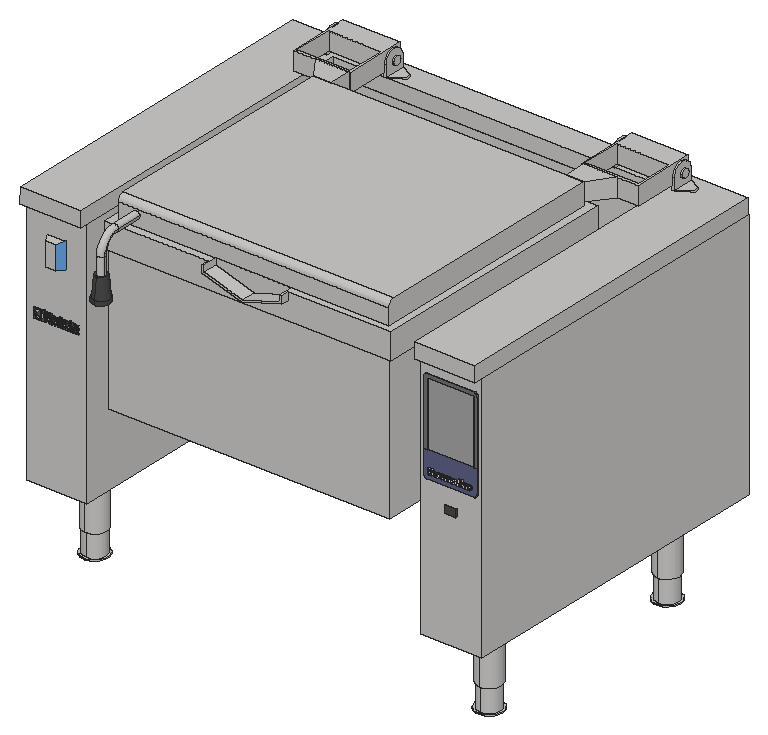
Revit family "QF_ELECTROLUXPROFESSIONAL_587031_PFET09ECUU", category Attrezzature speciali, Revit 2020 (continued)
Definition of nested family "QF_ELECTROLUXPROFESSIONAL_PBOTNB900_LEFT"
  Automatic sketch dimensions
    Extrusion 4 sketch curve to Extrusion 4 sketch curve = 2.333 mm
    Extrusion 4 sketch curve to Extrusion 4 sketch curve = 1.257 mm  (x2)
    Extrusion 4 sketch curve to Extrusion 4 sketch curve = 2.771 mm
    Extrusion 4 sketch curve to Extrusion 4 sketch curve = 1.497 mm
    Extrusion 4 sketch curve to Extrusion 4 sketch curve = 1.979 mm
    Extrusion 4 sketch curve to Extrusion 4 sketch curve = 1.653 mm
    Extrusion 4 sketch curve to Extrusion 4 sketch curve = 0.085 mm
    Extrusion 4 sketch curve to Extrusion 4 sketch curve = 0.315 mm
    Extrusion 4 sketch curve to Extrusion 4 sketch curve = 3.811 mm
    Extrusion 4 sketch curve to Extrusion 4 sketch curve = 2.136 mm  (x2)
    Extrusion 4 sketch curve to Extrusion 4 sketch curve = 2.352 mm  (x2)
    Extrusion 4 sketch curve to Extrusion 4 sketch curve = 3.797 mm
    Extrusion 4 sketch curve to Extrusion 4 sketch curve = 1.528 mm
    Extrusion 4 sketch curve to Extrusion 4 sketch curve = 1.476 mm  (x2)
    Extrusion 4 sketch curve to Extrusion 4 sketch curve = 1.469 mm  (x2)
    Extrusion 4 sketch curve to Extrusion 4 sketch curve = 3.728 mm
    Extrusion 4 sketch curve to Extrusion 4 sketch curve = 0.046 mm
    Extrusion 4 sketch curve to Extrusion 4 sketch curve = 0.177 mm
    Extrusion 4 sketch curve to Extrusion 4 sketch curve = 0.947 mm
    Extrusion 4 sketch curve to Extrusion 4 sketch curve = 0.308 mm
    Extrusion 4 sketch curve to Extrusion 4 sketch curve = 0.091 mm
    Extrusion 4 sketch curve to Extrusion 4 sketch curve = 2.375 mm
    Extrusion 4 sketch curve to Extrusion 4 sketch curve = 0.94 mm
    Extrusion 4 sketch curve to Extrusion 4 sketch curve = 0.54 mm
    Extrusion 4 sketch curve to Extrusion 4 sketch curve = 0.102 mm
    Extrusion 4 sketch curve to Extrusion 4 sketch curve = 0.002 mm  (x4)
    Extrusion 4 sketch curve to Extrusion 4 sketch curve = 0.105 mm
    Extrusion 4 sketch curve to Extrusion 4 sketch curve = 0.097 mm
    Extrusion 4 sketch curve to plane 3 "Center (Left/Right)" = 0.241 mm
    Extrusion 4 sketch curve to plane 3 "Center (Left/Right)" = 0.412 mm
    Extrusion 4 sketch curve to plane 3 "Center (Left/Right)" = 2.074 mm
    Extrusion 4 sketch curve to Extrusion 4 sketch curve = 1.777 mm
    Extrusion 4 sketch curve to plane 3 "Center (Left/Right)" = 2.704 mm
    Extrusion 4 sketch curve to Extrusion 4 sketch curve = 1.001 mm
    Extrusion 4 sketch curve to Extrusion 4 sketch curve = 1.393 mm  (x2)
    Extrusion 4 sketch curve to Extrusion 4 sketch curve = 2.363 mm
    Extrusion 4 sketch curve to Extrusion 4 sketch curve = 2.253 mm
    Extrusion 4 sketch curve to Extrusion 4 sketch curve = 0.014 mm  (x4)
    Extrusion 4 sketch curve to Extrusion 4 sketch curve = 0.172 mm
    Extrusion 4 sketch curve to Extrusion 4 sketch curve = 0.096 mm
    Extrusion 4 sketch curve to Extrusion 4 sketch curve = 0.164 mm
    Extrusion 4 sketch curve to Extrusion 4 sketch curve = 0.298 mm
    Extrusion 4 sketch curve to Extrusion 4 sketch curve = 0.247 mm
    Extrusion 4 sketch curve to Extrusion 4 sketch curve = 0.084 mm
    Extrusion 4 sketch curve to Extrusion 4 sketch curve = 6.484 mm
    Extrusion 4 sketch curve to Extrusion 4 sketch curve = 2.596 mm
    Extrusion 4 sketch curve to Extrusion 4 sketch curve = 0.059 mm  (x2)
    Extrusion 4 sketch curve to Extrusion 4 sketch curve = 3.889 mm
    Extrusion 4 sketch curve to Extrusion 4 sketch curve = 6.029 mm
    Extrusion 4 sketch curve to Extrusion 4 sketch curve = 0.929 mm
    Extrusion 4 sketch curve to Extrusion 4 sketch curve = 1.102 mm
    Extrusion 4 sketch curve to Extrusion 4 sketch curve = 0.756 mm  (x2)
    Extrusion 4 sketch curve to Extrusion 4 sketch curve = 0.852 mm
    Extrusion 4 sketch curve to Extrusion 4 sketch curve = 0.108 mm
    Extrusion 4 sketch curve to Extrusion 4 sketch curve = 0.101 mm
    Extrusion 4 sketch curve to Extrusion 4 sketch curve = 0.072 mm
    Extrusion 4 sketch curve to Extrusion 4 sketch curve = 1.67 mm
    Extrusion 4 sketch curve to Extrusion 4 sketch curve = 1.834 mm
    Extrusion 4 sketch curve to Extrusion 4 sketch curve = 0.366 mm
    Extrusion 4 sketch curve to Extrusion 4 sketch curve = 0.993 mm
    Extrusion 4 sketch curve to Extrusion 4 sketch curve = 0.81 mm
    Extrusion 4 sketch curve to Extrusion 4 sketch curve = 1.026 mm  (x2)
    Extrusion 4 sketch curve to Extrusion 4 sketch curve = 4.272 mm
    Extrusion 4 sketch curve to Extrusion 4 sketch curve = 0.163 mm
    Extrusion 4 sketch curve to Extrusion 4 sketch curve = 0.551 mm
    plane 14 to Extrusion 4 sketch curve = 6.023 mm
    Extrusion 4 sketch curve to Extrusion 4 sketch curve = 1.451 mm
    plane 14 to Extrusion 4 sketch curve = 5.28 mm
    Extrusion 4 sketch curve to Extrusion 4 sketch curve = 0.045 mm  (x2)
    Extrusion 4 sketch curve to Extrusion 4 sketch curve = 0.241 mm
    Extrusion 4 sketch curve to Extrusion 4 sketch curve = 0.039 mm
    Extrusion 4 sketch curve to Extrusion 4 sketch curve = 1.134 mm
    Extrusion 4 sketch curve to Extrusion 4 sketch curve = 2.351 mm
    Extrusion 4 sketch curve to plane 14 = 0.874 mm
    Extrusion 4 sketch curve to Extrusion 4 sketch curve = 10.128 mm
    Extrusion 4 sketch curve to Extrusion 4 sketch curve = 0.956 mm
    Extrusion 4 sketch curve to Extrusion 4 sketch curve = 1.263 mm
    Extrusion 4 sketch curve to Extrusion 4 sketch curve = 2.577 mm
    Extrusion 4 sketch curve to Extrusion 4 sketch curve = 0.243 mm
    Extrusion 4 sketch curve to Extrusion 4 sketch curve = 0.031 mm
    Extrusion 4 sketch curve to Extrusion 4 sketch curve = 7.148 mm
    Extrusion 4 sketch curve to Extrusion 4 sketch curve = 1.502 mm
    Extrusion 4 sketch curve to Extrusion 4 sketch curve = 11.54 mm
    Extrusion 4 sketch curve to Extrusion 4 sketch curve = 11.758 mm
    Extrusion 4 sketch curve to Extrusion 4 sketch curve = 4.097 mm
    Extrusion 4 sketch curve to Extrusion 4 sketch curve = 0.011 mm
    Extrusion 4 sketch curve to Extrusion 4 sketch curve = 4.488 mm
    plane 17 "CHW" to Extrusion 4 sketch curve = 191.223 mm
    Extrusion 4 sketch curve to Extrusion 4 sketch curve = 3.444 mm  (x2)
    Extrusion 4 sketch curve to Extrusion 4 sketch curve = 3.777 mm
    Extrusion 4 sketch curve to Extrusion 4 sketch curve = 1.093 mm
    Extrusion 4 sketch curve to Extrusion 4 sketch curve = 1.192 mm
    Extrusion 4 sketch curve to Extrusion 4 sketch curve = 0.319 mm
    Extrusion 4 sketch curve to Extrusion 4 sketch curve = 5.798 mm
    Extrusion 4 sketch curve to Extrusion 4 sketch curve = 2.021 mm
    Extrusion 4 sketch curve to Extrusion 4 sketch curve = 2.357 mm  (x3)
    Extrusion 4 sketch curve to Extrusion 4 sketch curve = 0.892 mm  (x3)
    Extrusion 4 sketch curve to Extrusion 4 sketch curve = 1.018 mm
    Extrusion 4 sketch curve to Extrusion 4 sketch curve = 3.382 mm  (x2)
    Extrusion 4 sketch curve to Extrusion 4 sketch curve = 2.117 mm
    Extrusion 4 sketch curve to Extrusion 4 sketch curve = 0.195 mm  (x2)
    Extrusion 4 sketch curve to Extrusion 4 sketch curve = 0.295 mm  (x2)
    Extrusion 4 sketch curve to Extrusion 4 sketch curve = 0.618 mm
    Extrusion 4 sketch curve to Extrusion 4 sketch curve = 0.385 mm  (x2)
    Extrusion 4 sketch curve to Extrusion 4 sketch curve = 1.626 mm  (x2)
    Extrusion 4 sketch curve to Extrusion 4 sketch curve = 1.65 mm
    Extrusion 4 sketch curve to Extrusion 4 sketch curve = 1.662 mm
    Extrusion 4 sketch curve to Extrusion 4 sketch curve = 0.013 mm  (x2)
    Extrusion 4 sketch curve to Extrusion 4 sketch curve = 0.292 mm
    Extrusion 4 sketch curve to Extrusion 4 sketch curve = 0.107 mm  (x2)
    Extrusion 4 sketch curve to Extrusion 4 sketch curve = 0.068 mm  (x2)
    Extrusion 4 sketch curve to Extrusion 4 sketch curve = 0.968 mm
    Extrusion 4 sketch curve to Extrusion 4 sketch curve = 0.365 mm
    Extrusion 4 sketch curve to Extrusion 4 sketch curve = 2.361 mm
    Extrusion 4 sketch curve to Extrusion 4 sketch curve = 2.359 mm
    Extrusion 4 sketch curve to Extrusion 4 sketch curve = 0.531 mm  (x2)
    Extrusion 4 sketch curve to Extrusion 4 sketch curve = 0.928 mm  (x2)
    Extrusion 4 sketch curve to Extrusion 4 sketch curve = 1.058 mm
    Extrusion 4 sketch curve to Extrusion 4 sketch curve = 0.297 mm  (x2)
    Extrusion 4 sketch curve to Extrusion 4 sketch curve = 0.155 mm  (x2)
    Extrusion 4 sketch curve to Extrusion 4 sketch curve = 1.305 mm
    Extrusion 4 sketch curve to Extrusion 4 sketch curve = 1.037 mm
    Extrusion 4 sketch curve to Extrusion 4 sketch curve = 0.182 mm  (x2)
    Extrusion 4 sketch curve to Extrusion 4 sketch curve = 0.607 mm  (x2)
    Extrusion 4 sketch curve to Extrusion 4 sketch curve = 0.304 mm  (x2)
    Extrusion 4 sketch curve to Extrusion 4 sketch curve = 0.372 mm  (x2)
    Extrusion 4 sketch curve to Extrusion 4 sketch curve = 0.016 mm  (x2)
    Extrusion 4 sketch curve to Extrusion 4 sketch curve = 0.996 mm
    Extrusion 4 sketch curve to Extrusion 4 sketch curve = 0.93 mm
    Extrusion 4 sketch curve to Extrusion 4 sketch curve = 0.709 mm  (x2)
    Extrusion 4 sketch curve to Extrusion 4 sketch curve = 1.752 mm
    Extrusion 4 sketch curve to Extrusion 4 sketch curve = 1.017 mm
    Extrusion 4 sketch curve to Extrusion 4 sketch curve = 4.718 mm
    Extrusion 4 sketch curve to Extrusion 4 sketch curve = 0.891 mm
    Extrusion 4 sketch curve to Extrusion 4 sketch curve = 3.826 mm
    Extrusion 4 sketch curve to Extrusion 4 sketch curve = 1.696 mm
    Extrusion 4 sketch curve to Extrusion 4 sketch curve = 0.954 mm
    Extrusion 4 sketch curve to Extrusion 4 sketch curve = 5.576 mm
    Extrusion 4 sketch curve to Extrusion 4 sketch curve = 5.657 mm  (x2)
    Extrusion 4 sketch curve to Extrusion 4 sketch curve = 5.661 mm  (x2)
    Extrusion 4 sketch curve to Extrusion 4 sketch curve = 0.006 mm
    Extrusion 4 sketch curve to Extrusion 4 sketch curve = 1.499 mm
    Extrusion 4 sketch curve to Extrusion 4 sketch curve = 7.186 mm
    Extrusion 4 sketch curve to Extrusion 4 sketch curve = 2.203 mm
    Extrusion 4 sketch curve to Extrusion 4 sketch curve = 2.21 mm
    Extrusion 4 sketch curve to Extrusion 4 sketch curve = 1.607 mm
    Extrusion 4 sketch curve to Extrusion 4 sketch curve = 3.479 mm
    Extrusion 4 sketch curve to Extrusion 4 sketch curve = 3.92 mm
    Extrusion 4 sketch curve to Extrusion 4 sketch curve = 0.05 mm
    Extrusion 4 sketch curve to Extrusion 4 sketch curve = 1.776 mm
    Extrusion 4 sketch curve to Extrusion 4 sketch curve = 4.017 mm
    Extrusion 4 sketch curve to Extrusion 4 sketch curve = 0.196 mm  (x2)
    Extrusion 4 sketch curve to Extrusion 4 sketch curve = 0.19 mm
    Extrusion 4 sketch curve to Extrusion 4 sketch curve = 1.312 mm
    Extrusion 4 sketch curve to Extrusion 4 sketch curve = 0.146 mm
    Extrusion 4 sketch curve to Extrusion 4 sketch curve = 2.831 mm
    Extrusion 4 sketch curve to Extrusion 4 sketch curve = 0.387 mm
    Extrusion 4 sketch curve to Extrusion 4 sketch curve = 0.174 mm
    Extrusion 4 sketch curve to Extrusion 4 sketch curve = 4.623 mm
    Extrusion 4 sketch curve to Extrusion 4 sketch curve = 1.754 mm
    Extrusion 4 sketch curve to Extrusion 4 sketch curve = 0.188 mm
    Extrusion 4 sketch curve to Extrusion 4 sketch curve = 0.02 mm
    Extrusion 4 sketch curve to Extrusion 4 sketch curve = 0.313 mm
    Extrusion 4 sketch curve to Extrusion 4 sketch curve = 0.12 mm
    Extrusion 4 sketch curve to Extrusion 4 sketch curve = 0.062 mm
    Extrusion 4 sketch curve to Extrusion 4 sketch curve = 0.568 mm
    Extrusion 4 sketch curve to Extrusion 4 sketch curve = 1.763 mm
    Extrusion 4 sketch curve to Extrusion 4 sketch curve = 0.095 mm
    Extrusion 4 sketch curve to Extrusion 4 sketch curve = 1.817 mm
    Extrusion 4 sketch curve to Extrusion 4 sketch curve = 0.357 mm
    Extrusion 4 sketch curve to Extrusion 4 sketch curve = 0.008 mm
    Extrusion 4 sketch curve to Extrusion 4 sketch curve = 0.36 mm
    Extrusion 4 sketch curve to Extrusion 4 sketch curve = 3.784 mm
    Extrusion 4 sketch curve to Extrusion 4 sketch curve = 1.654 mm
    Extrusion 4 sketch curve to Extrusion 4 sketch curve = 1.454 mm
    Extrusion 4 sketch curve to Extrusion 4 sketch curve = 1.705 mm
    Extrusion 4 sketch curve to Extrusion 4 sketch curve = 1.893 mm
    Extrusion 4 sketch curve to Extrusion 4 sketch curve = 3.429 mm
    Extrusion 4 sketch curve to Extrusion 4 sketch curve = 1.094 mm
    Extrusion 4 sketch curve to Extrusion 4 sketch curve = 2.218 mm
    Extrusion 4 sketch curve to Extrusion 4 sketch curve = 1.404 mm
    Extrusion 4 sketch curve to Extrusion 4 sketch curve = 5.763 mm
    Extrusion 4 sketch curve to Extrusion 4 sketch curve = 2.932 mm  (x2)
    Extrusion 4 sketch curve to Extrusion 4 sketch curve = 5.959 mm
    Extrusion 4 sketch curve to Extrusion 4 sketch curve = 1.424 mm
    Extrusion 4 sketch curve to Extrusion 4 sketch curve = 3.23 mm
    Extrusion 4 sketch curve to Extrusion 4 sketch curve = 1.975 mm
    Extrusion 4 sketch curve to Extrusion 4 sketch curve = 3.779 mm
    Extrusion 4 sketch curve to Extrusion 4 sketch curve = 2.212 mm
    Extrusion 4 sketch curve to Extrusion 4 sketch curve = 3.78 mm
    Extrusion 4 sketch curve to Extrusion 4 sketch curve = 1.279 mm
    Extrusion 4 sketch curve to Extrusion 4 sketch curve = 1.343 mm  (x2)
    Extrusion 4 sketch curve to Extrusion 4 sketch curve = 1.353 mm  (x2)
    Extrusion 4 sketch curve to Extrusion 4 sketch curve = 0.027 mm  (x2)
    Extrusion 4 sketch curve to Extrusion 4 sketch curve = 0.395 mm  (x2)
    Extrusion 4 sketch curve to Extrusion 4 sketch curve = 0.329 mm  (x2)
    Extrusion 4 sketch curve to Extrusion 4 sketch curve = 0.425 mm  (x2)
    Extrusion 4 sketch curve to Extrusion 4 sketch curve = 0.051 mm  (x2)
    Extrusion 4 sketch curve to Extrusion 4 sketch curve = 0.495 mm  (x2)
    Extrusion 4 sketch curve to Extrusion 4 sketch curve = 0.267 mm  (x2)
    Extrusion 4 sketch curve to Extrusion 4 sketch curve = 1.4 mm
    Extrusion 4 sketch curve to Extrusion 4 sketch curve = 5.233 mm
    Extrusion 4 sketch curve to Extrusion 4 sketch curve = 2.062 mm
    Extrusion 5 sketch curve to plane 13 "HW_CW" = 0.0 mm  (x2)
    Extrusion 5 sketch curve to plane 15 = 0.0 mm
    Extrusion 5 sketch curve to plane 14 = 0.0 mm
    radius of Extrusion 2 sketch curve = 6.35 mm  (x2)
    radius of Extrusion 4 sketch curve = 2.453 mm
    radius of Extrusion 4 sketch curve = 1.557 mm
    radius of Extrusion 4 sketch curve = 1.468 mm
    radius of Extrusion 4 sketch curve = 2.451 mm
    radius of Extrusion 5 sketch curve = 5.0 mm  (x2)
Definition of nested family "QF_ELECTROLUXPROFESSIONAL_PBOTNB900_RIGHT"
  Parameters
    Width = 160.0 mm
    Right = Width / 2  # 80.0 mm
    Default Elevation = 0.0 mm
    Left = -Width / 2  # -80.0 mm
    Htop = 40.0 mm
    Height = 900.0 mm
    HBase = 200.0 mm
    EI_z = 250.0 mm
    EI_y = 312.0 mm
    Depth = 900.0 mm
    BorderFront = 20.0 mm
    Body Finish [instance] = none
  Reference planes
    plane 1 "Center (Front/Back)": y = 0
    plane 2: z = 0
    plane 3 "Center (Left/Right)": x = 0
    plane 4 "LEFT": x = -80
    plane 5 "RIGHT": x = 80
    plane 6 "BACK": y = 450
    plane 7 "FRONT": y = -450
    plane 8 "Base": z = 200
    plane 9 "TOP": z = 900
    plane 10 "BorderFront": y = -430
    plane 11: z = 860
    plane 12 "EI": z = 450
    plane 13: y = 138
    plane 14 "STEAM_y": y = 211
    plane 15 "Steam_z": z = 340
  Forms (mm)
    Extrusion 1, solid
      sketch origin (0, 0, 0) x (1, 0, 0) y (0, 1, 0)
        loop
          line (-80, 450) -> (-80, -430) -> (80, -430) -> (80, 450) -> (-80, 450)
      from 860 to 200
    Extrusion 2, solid
      sketch origin (0, -430, 0) x (-1, 0, 0) y (0, 0, 1)
        loop
          line (59.714, 823.989) -> (-61.821, 823.989)
          arc (-61.821, 823.989) -> (-68.892, 821.06) -> (-71.821, 813.989) r 10
          line (-71.821, 813.989) -> (-71.821, 644.744) -> (-61.821, 644.744) -> (-61.821, 813.989) -> (59.714, 813.989) -> (59.714, 644.744) -> (69.714, 644.744) -> (69.714, 813.989)
          arc (69.714, 813.989) -> (66.786, 821.06) -> (59.714, 823.989) r 10
      from 0 to -3
    Extrusion 3, solid
      sketch origin (0, -430, 0) x (-1, 0, 0) y (0, 0, 1)
        loop
          line (69.714, 585) -> (69.714, 644.744) -> (-71.821, 644.744) -> (-71.821, 585)
          arc (-71.821, 585) -> (-68.892, 577.929) -> (-61.821, 575) r 10
          line (-61.821, 575) -> (59.714, 575)
          arc (59.714, 575) -> (66.786, 577.929) -> (69.714, 585) r 10
      from -3 to 0
    Extrusion 4, solid
      sketch origin (234.714, -430, 0) x (-1, 0, 0) y (0, 0, 1)
        loop
          line (294.429, 813.989) -> (172.894, 813.989) -> (172.894, 644.744) -> (294.429, 644.744) -> (294.429, 813.989)
      from 0 to -3
    Extrusion 5, solid
      sketch origin (0, -430, 0) x (-1, 0, 0) y (0, 0, 1)
        loop
          line (15, 530) -> (-15, 530) -> (-15, 510) -> (15, 510) -> (15, 530)
      from -1.6 to 0
    Extrusion 6, solid
      sketch origin (0, 450, 0) x (-1, 0, 0) y (0, 0, 1)
        loop
          circle (0, 450) r 5
      from 0 to 2
    Extrusion 7, solid
      sketch origin (0, 0, 200) x (0, 1, 0) y (-1, 0, 0)
        loop
          circle (138, 0) r 10
      from 0 to -3
    Extrusion 8, solid
      sketch origin (0, 0, 200) x (0, 1, 0) y (-1, 0, 0)
        loop
          circle (211, 0) r 12.7
      from 0 to -3
  Lines and regions (mm)
    symbolic lines
      curve 1: line (-80, 450, 0) -> (80, 450, 0)
      curve 2: line (80, 450, 0) -> (80, -430, 0)
  Dimensions and locks
    "Width": plane 4 "LEFT" to plane 5 "RIGHT"
    equal spacing: plane 4 "LEFT", plane 3 "Center (Left/Right)", plane 5 "RIGHT"
    equal spacing: plane 6 "BACK", plane 1 "Center (Front/Back)", plane 7 "FRONT"
    "Depth": plane 6 "BACK" to plane 7 "FRONT"
    "BorderFront": plane 10 "BorderFront" to plane 7 "FRONT"
    "Htop": plane 9 "TOP" to plane 11
    "Height": plane 9 "TOP" to level
    "HBase": plane 8 "Base" to level
    "EI_y": plane 6 "BACK" to plane 13
    "EI_z": plane 12 "EI" to plane 8 "Base"
    plane 6 "BACK" to plane 14 "STEAM_y" = 239.0 mm
    plane 15 "Steam_z" to plane 8 "Base" = 140.0 mm
    aligned and locked: level to plane 2
    aligned and locked: plane 10 "BorderFront" to Extrusion 1 sketch curve
    aligned and locked: plane 11 to Extrusion 1
    aligned and locked: Extrusion 1 to plane 8 "Base"
    aligned and locked: plane 4 "LEFT" to Extrusion 1 sketch curve
    aligned and locked: Extrusion 1 sketch curve to plane 5 "RIGHT"
    aligned and locked: Extrusion 1 sketch curve to plane 6 "BACK"
  Automatic sketch dimensions
    Extrusion 2 sketch curve to plane 5 "RIGHT" = 8.179 mm
    Extrusion 2 sketch curve to Extrusion 2 sketch curve = 10.0 mm  (x2)
    Extrusion 2 sketch curve to Extrusion 2 sketch curve = 0.0 mm  (x4)
    plane 4 "LEFT" to Extrusion 2 sketch curve = 20.286 mm
    Extrusion 2 sketch curve to plane 11 = 215.256 mm
    Extrusion 2 sketch curve to plane 11 = 46.011 mm
    Extrusion 3 sketch curve to plane 5 "RIGHT" = 8.179 mm
    plane 4 "LEFT" to Extrusion 3 sketch curve = 20.286 mm
    plane 4 "LEFT" to Extrusion 3 sketch curve = 10.286 mm
    Extrusion 3 sketch curve to plane 11 = 285.0 mm
    Extrusion 3 sketch curve to Extrusion 3 sketch curve = 59.744 mm
    Extrusion 3 sketch curve to Extrusion 3 sketch curve = 10.0 mm
    plane 4 "LEFT" to Extrusion 4 sketch curve = 20.286 mm
    Extrusion 4 sketch curve to plane 11 = 46.011 mm
    Extrusion 4 sketch curve to plane 5 "RIGHT" = 18.179 mm
    Extrusion 4 sketch curve to Extrusion 4 sketch curve = 169.244 mm
    Extrusion 6 sketch curve to plane 3 "Center (Left/Right)" = 0.0 mm
    Extrusion 6 sketch curve to plane 12 "EI" = 0.0 mm
    curve 1 to plane 4 "LEFT" = 0.0 mm
    curve 1 to plane 5 "RIGHT" = 0.0 mm
    curve 2 to plane 10 "BorderFront" = 0.0 mm
    curve 1 to plane 6 "BACK" = 0.0 mm
    plane 3 "Center (Left/Right)" to Extrusion 5 sketch curve = 15.0 mm
    Extrusion 5 sketch curve to plane 3 "Center (Left/Right)" = 15.0 mm
    plane 12 "EI" to Extrusion 5 sketch curve = 60.0 mm
    Extrusion 5 sketch curve to Extrusion 5 sketch curve = 20.0 mm
    Extrusion 7 sketch curve to plane 3 "Center (Left/Right)" = 0.0 mm
    Extrusion 7 sketch curve to plane 13 = 0.0 mm
    Extrusion 8 sketch curve to plane 3 "Center (Left/Right)" = 0.0 mm
    Extrusion 8 sketch curve to plane 14 "STEAM_y" = 0.0 mm
    radius of Extrusion 6 sketch curve = 5.0 mm
    radius of Extrusion 7 sketch curve = 10.0 mm
    radius of Extrusion 8 sketch curve = 12.7 mm
  Nested families
    nested 1: "ELX_ThermaLine" at (-0.906, -433, 593.675) x (1, 0, 0) z (0, -1, 0), type "ELX_ThermaLine"
      with Show Logo yes, Material_Logo none
  Definition of nested family "ELX_ThermaLine"
    Parameters
      Show Logo [instance] = yes
      Material_Logo [instance] = none
      Default Elevation = 0.0 mm
    Reference planes
      plane 1 "Centro (Fronte/Retro)": y = 0
      plane 2: z = 0
      plane 3 "Centro (Sinistra/Destra)": x = 0
    Forms (mm)
      Extrusion 1, solid
        sketch origin (0, 0, 0) x (1, 0, 0) y (0, 1, 0)
          loop
            line (-1219.2, 1219.2) -> (-1219.2, -1219.2) -> (1219.2, -1219.2) -> (1219.2, 1219.2) -> (-1219.2, 1219.2)
        from 0 to -304.8
      Extrusion 2, solid
        sketch origin (0, 0, 0) x (1, 0, 0) y (0, 1, 0)
          loop
            line (-52.84, 4.345) -> (-50.793, 4.345) -> (-50.793, 6.716) -> (-52.84, 6.716) -> (-52.84, 10.788) -> (-55.901, 9.058) -> (-55.901, 6.716) -> (-57.324, 6.716) -> (-57.324, 4.345) -> (-55.901, 4.345) -> (-55.901, -1.637)
            arc (-55.901, -1.637) -> (-54.76, -4.355) -> (-51.88, -4.985) r 3.198
            line (-51.88, -4.985) -> (-50.444, -4.597) -> (-50.782, -2.189) -> (-51.765, -2.453)
            arc (-51.765, -2.453) -> (-52.506, -2.305) -> (-52.84, -1.628) r 0.854
            line (-52.84, -1.628) -> (-52.84, 4.345)
          loop
            line (-48.642, 11.198) -> (-48.642, -4.787) -> (-45.561, -4.787) -> (-45.561, 2.659)
            arc (-45.561, 2.659) -> (-44.379, 4.372) -> (-42.304, 4.523) r 2.408
            arc (-42.304, 4.523) -> (-41.484, 3.75) -> (-41.182, 2.665) r 2.099
            line (-41.182, 2.665) -> (-41.182, -4.787) -> (-38.117, -4.787) -> (-38.088, 2.166)
            arc (-38.088, 2.166) -> (-38.343, 3.963) -> (-39.021, 5.646) r 7.517
            arc (-39.021, 5.646) -> (-42.369, 6.971) -> (-45.561, 5.303) r 4.327
            line (-45.561, 5.303) -> (-45.561, 11.198) -> (-48.642, 11.198)
          loop
            arc (-28.196, 1.988) -> (-28.834, 3.893) -> (-30.683, 4.679) r 2.449
            arc (-30.683, 4.679) -> (-32.149, 3.674) -> (-32.711, 1.988) r 2.793
            line (-32.711, 1.988) -> (-28.196, 1.988)
          loop
            arc (-25.128, 0.121) -> (-26.074, 4.342) -> (-29.545, 6.923) r 6.212
            arc (-29.545, 6.923) -> (-33.021, 6.358) -> (-35.352, 3.718) r 5.232
            arc (-35.352, 3.718) -> (-35.918, 1.148) -> (-35.633, -1.468) r 8.117
            arc (-35.633, -1.468) -> (-34.524, -3.319) -> (-32.789, -4.603) r 5.523
            arc (-32.789, -4.603) -> (-28.402, -4.744) -> (-25.297, -1.641) r 5.523
            line (-25.297, -1.641) -> (-28.327, -1.106)
            arc (-28.327, -1.106) -> (-29.324, -2.396) -> (-30.951, -2.501) r 1.982
            arc (-30.951, -2.501) -> (-32.276, -1.475) -> (-32.789, 0.121) r 2.835
            line (-32.789, 0.121) -> (-25.128, 0.121)
          loop
            line (-22.733, -4.787) -> (-19.705, -4.787) -> (-19.705, 0)
            arc (-19.705, 0) -> (-19.663, 1.267) -> (-19.469, 2.521) r 10.557
            arc (-19.469, 2.521) -> (-18.189, 4.014) -> (-16.237, 3.761) r 2.069
            line (-16.237, 3.761) -> (-15.318, 6.433)
            arc (-15.318, 6.433) -> (-17.915, 6.783) -> (-19.931, 5.11) r 3.262
            line (-19.931, 5.11) -> (-19.931, 6.752) -> (-22.733, 6.752) -> (-22.733, -4.787)
          loop
            line (-14.233, 6.752) -> (-14.233, -4.787) -> (-11.135, -4.787) -> (-11.135, 1.783)
            arc (-11.135, 1.783) -> (-10.552, 3.635) -> (-8.862, 4.59) r 2.646
            arc (-8.862, 4.59) -> (-7.677, 3.931) -> (-7.234, 2.65) r 1.899
            line (-7.234, 2.65) -> (-7.234, -4.787) -> (-4.155, -4.787) -> (-4.155, 1.467)
            arc (-4.155, 1.467) -> (-3.845, 2.923) -> (-2.97, 4.128) r 3.581
            arc (-2.97, 4.128) -> (-1.581, 4.474) -> (-0.516, 3.516) r 1.525
            arc (-0.516, 3.516) -> (-0.324, 2.735) -> (-0.304, 1.931) r 3.735
            line (-0.304, 1.931) -> (-0.304, -4.787) -> (2.776, -4.787) -> (2.776, 3.096)
            arc (2.776, 3.096) -> (1.833, 5.68) -> (-0.612, 6.942) r 3.784
            arc (-0.612, 6.942) -> (-2.795, 6.596) -> (-4.513, 5.205) r 4.271
            arc (-4.513, 5.205) -> (-5.893, 6.457) -> (-7.686, 6.964) r 4.079
            arc (-7.686, 6.964) -> (-9.75, 6.555) -> (-11.39, 5.237) r 4.412
            line (-11.39, 5.237) -> (-11.39, 6.752) -> (-14.233, 6.752)
          loop
            line (5.334, 3.712) -> (8.069, 3.23)
            arc (8.069, 3.23) -> (10.312, 4.685) -> (12.137, 2.73) r 2.082
            line (12.137, 2.73) -> (8.171, 1.741)
            arc (8.171, 1.741) -> (6.593, 1.022) -> (5.378, -0.215) r 4.758
            arc (5.378, -0.215) -> (5.225, -1.991) -> (5.744, -3.697) r 4.711
            arc (5.744, -3.697) -> (7.301, -4.682) -> (9.118, -4.992) r 4.691
            arc (9.118, -4.992) -> (10.903, -4.593) -> (12.411, -3.558) r 4.818
            line (12.411, -3.558) -> (12.81, -4.787) -> (15.873, -4.787) -> (15.179, -2.652) -> (15.179, 3.25)
            arc (15.179, 3.25) -> (14.773, 5.146) -> (13.38, 6.496) r 3.336
            arc (13.38, 6.496) -> (10.765, 7.201) -> (8.091, 6.773) r 6.459
            arc (8.091, 6.773) -> (6.348, 5.57) -> (5.334, 3.712) r 4.569
          loop
            line (21.001, -4.787) -> (24.24, -4.787) -> (27.623, 11.127) -> (24.384, 11.127) -> (21.001, -4.787)
          loop
            line (27.273, -4.787) -> (30.332, -4.787) -> (32.777, 6.716) -> (29.718, 6.716) -> (27.273, -4.787)
          loop
            line (30.656, 11.127) -> (30.058, 8.314) -> (33.117, 8.314) -> (33.715, 11.127) -> (30.656, 11.127)
          loop
            line (33.431, -4.787) -> (36.649, -4.787) -> (38.261, 2.796)
            arc (38.261, 2.796) -> (39.644, 4.445) -> (41.791, 4.594) r 2.751
            arc (41.791, 4.594) -> (42.425, 3.729) -> (42.502, 2.659) r 1.936
            line (42.502, 2.659) -> (40.919, -4.787) -> (43.989, -4.787) -> (45.795, 3.712)
            arc (45.795, 3.712) -> (45.588, 5.458) -> (44.361, 6.716) r 2.734
            arc (44.361, 6.716) -> (41.222, 6.857) -> (38.516, 5.259) r 5.512
            line (38.516, 5.259) -> (38.826, 6.716) -> (35.876, 6.716) -> (33.431, -4.787)
          loop
            line (50.773, 1.934) -> (55.672, 1.934)
            arc (55.672, 1.934) -> (55.737, 2.919) -> (55.334, 3.821) r 2.051
            arc (55.334, 3.821) -> (53.773, 4.722) -> (52.024, 4.287) r 2.407
            arc (52.024, 4.287) -> (51.223, 3.203) -> (50.773, 1.934) r 4.566
          loop
            line (50.479, 0) -> (58.259, 0)
            arc (58.259, 0) -> (58.241, 3.53) -> (56.181, 6.396) r 5.8
            arc (56.181, 6.396) -> (52.577, 6.992) -> (49.395, 5.199) r 5.498
            arc (49.395, 5.199) -> (47.819, 2.372) -> (47.536, -0.853) r 7.747
            arc (47.536, -0.853) -> (48.406, -3.006) -> (50.236, -4.437) r 4.494
            arc (50.236, -4.437) -> (52.672, -4.934) -> (55.109, -4.437) r 6.224
            arc (55.109, -4.437) -> (56.76, -3.346) -> (57.916, -1.739) r 5.478
            line (57.916, -1.739) -> (55.129, -1.247)
            arc (55.129, -1.247) -> (53.897, -2.495) -> (52.149, -2.637) r 2.52
            arc (52.149, -2.637) -> (50.809, -1.638) -> (50.479, 0) r 2.336
          loop
            line (12.154, 0.755) -> (8.732, -0.098)
            arc (8.732, -0.098) -> (8.126, -1.288) -> (8.732, -2.478) r 1.471
            arc (8.732, -2.478) -> (10.437, -2.725) -> (11.827, -1.706) r 2.276
            arc (11.827, -1.706) -> (12.142, -0.496) -> (12.154, 0.755) r 5.123
        from 0 to 1.6
    Dimensions and locks
      aligned and locked: plane 2 to Extrusion 1
      aligned and locked: level to Extrusion 1
Definition of nested family "QF_ELECTROLUXPROFESSIONAL_2FEET_THL_120xH200"
  Parameters
    Width = 120.0 mm
    Right = Width / 2  # 60.0 mm
    Default Elevation = 0.0 mm
    Left = -Width / 2  # -60.0 mm
    Height = 200.0 mm
    HBase = Height - 15.0 mm  # 185.0 mm
    Depth = 880.0 mm
  Reference planes
    plane 1 "Center (Front/Back)": y = 0
    plane 2: z = 0
    plane 3 "Center (Left/Right)": x = 0
    plane 4 "LEFT": x = -60
    plane 5 "RIGHT": x = 60
    plane 6 "BACK": y = 440
    plane 7 "FRONT": y = -440
    plane 8 "Base": z = 185
    plane 9 "TOP": z = 200
    plane 10: y = 283
    plane 11: y = -304
    plane 12: y = 368
    plane 13: y = -388
    plane 14: x = -80
  Forms (mm)
    Extrusion 1, solid
      sketch origin (0, 0, 200) x (0, 1, 0) y (-1, 0, 0)
        loop
          line (368, 60) -> (-388, 60) -> (-388, -60) -> (368, -60) -> (368, 60)
      from 0 to -15
    Revolve 2, solid
      sketch origin (0, 0, 0) x (0, 1, 0) y (0, 0, 1)
        loop
          line (283, 0) -> (318, 0) -> (318, 2) -> (311.179, 2) -> (311.179, 63) -> (314.75, 63) -> (314.75, 185) -> (283, 185) -> (283, 0)
        axis (283, 185) -> (283, 0)
      angle from 0 to 360
    Revolve 3, solid
      sketch origin (0, 0, 0) x (0, 1, 0) y (0, 0, 1)
        loop
          line (-304, 185) -> (-304, 0) -> (-269, 0) -> (-269, 2) -> (-275.821, 2) -> (-275.821, 63) -> (-272.25, 63) -> (-272.25, 185) -> (-304, 185)
        axis (-304, 185) -> (-304, 0)
      angle from 0 to 360
  Dimensions and locks
    "Width": plane 4 "LEFT" to plane 5 "RIGHT"
    equal spacing: plane 4 "LEFT", plane 3 "Center (Left/Right)", plane 5 "RIGHT"
    equal spacing: plane 6 "BACK", plane 1 "Center (Front/Back)", plane 7 "FRONT"
    "Depth": plane 6 "BACK" to plane 7 "FRONT"
    "HBase": plane 8 "Base" to level
    "Height": plane 9 "TOP" to level
    locked: plane 6 "BACK" to plane 10 at 157
    locked: plane 10 to plane 11 at 587
    plane 6 "BACK" to plane 12 = 72.0 mm
    plane 13 to plane 7 "FRONT" = 52.0 mm
    plane 12 to plane 13 = 756.0 mm
    plane 14 to plane 3 "Center (Left/Right)" = 80.0 mm
    aligned and locked: level to plane 2
    aligned and locked: Extrusion 1 sketch curve to plane 5 "RIGHT"
    aligned and locked: plane 4 "LEFT" to Extrusion 1 sketch curve
    aligned and locked: Extrusion 1 to plane 8 "Base"
    aligned and locked: Extrusion 1 sketch curve to plane 12
    aligned and locked: plane 13 to Extrusion 1 sketch curve
  Automatic sketch dimensions
    Revolve 2 sketch curve to level = 0.0 mm
    Revolve 2 sketch curve to plane 10 = 0.0 mm  (x2)
    Revolve 2 sketch curve to plane 8 "Base" = 0.0 mm
    plane 10 to Revolve 2 sketch curve = 28.179 mm
    Revolve 2 sketch curve to Revolve 2 sketch curve = 31.75 mm
    Revolve 2 sketch curve to Revolve 2 sketch curve = 6.821 mm
    level to Revolve 2 sketch curve = 2.0 mm
    Revolve 2 sketch curve to Revolve 2 sketch curve = 61.0 mm
    Revolve 2 sketch curve to level = 50.0 mm
    plane 9 "TOP" to Revolve 2 sketch curve = 70.0 mm
    Revolve 3 sketch curve to plane 11 = 0.0 mm
    Revolve 3 sketch curve to level = 0.0 mm
    Revolve 3 sketch curve to plane 10 = 587.0 mm
    Revolve 3 sketch curve to plane 8 "Base" = 0.0 mm
    Revolve 3 sketch curve to plane 10 = 558.821 mm
    Revolve 3 sketch curve to Revolve 3 sketch curve = 3.571 mm
    Revolve 3 sketch curve to Revolve 3 sketch curve = 6.821 mm
    level to Revolve 3 sketch curve = 2.0 mm
    Revolve 3 sketch curve to Revolve 3 sketch curve = 61.0 mm
    Revolve 3 sketch curve to level = 180.0 mm
    plane 9 "TOP" to Revolve 3 sketch curve = 205.0 mm
Definition of nested family "QF_ELECTROLUXPROFESSIONAL_PFET900_LEVEL1"
  Parameters
    Default Elevation = 0.0 mm
    Assembly Code = ""
  Reference planes
    plane 1 "Center (Front/Back)": y = 0
    plane 2: z = 0
    plane 3 "Center (Left/Right)": x = 0
  Forms (mm)
    Sweep 1, solid
      path origin (0, 0, 0) x (0, 1, 0) y (0, 0, 1)
        loop
          line (0, 0) -> (-70, 0)
          arc (-70, 0) -> (-101.82, -13.18) -> (-115, -45) r 45
          line (-115, -45) -> (-115, -90)
      profile origin (0, -35, 0) x (0, 0, -1) y (1, 0, 0)
        loop
          circle (0, 0) r 9
    Revolve 2, solid
      sketch origin (0, 0, 0) x (0, 1, 0) y (0, 0, 1)
        loop
          line (-115, -90) -> (-115, -152.379) -> (-92.246, -152.379) -> (-92.246, -142.379) -> (-94.495, -142.379) -> (-100, -90) -> (-115, -90)
        axis (-115, -90) -> (-115, -152.379)
      angle from 0 to 360
  Lines and regions (mm)
    symbolic lines
      curve 1: line (9, 0, 0) -> (9, -94.102, 0)
      curve 2: line (-9, 0, 0) -> (-9, -94.102, 0)
      curve 3: circle (0, -115, 0) r 22.754 normal (0, 0, 1)
  Dimensions and locks
    aligned and locked: level to plane 2
